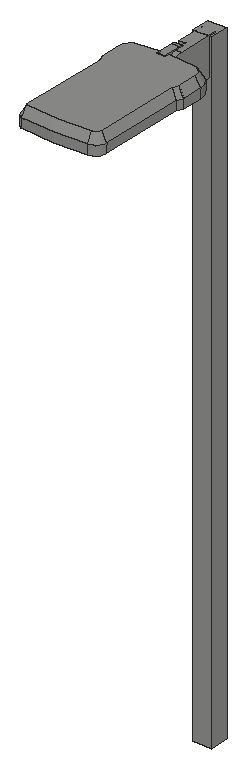
Revit family "VP-3-AAU", category Lighting Fixtures, host Face, Revit 2019 (continued)
Definition of nested family "SIZE3-AAU"
  Forms (in)
    Extrusion 49, void
      sketch origin (0, 0, 3.625) x (1, 0, 0) y (0, 0, 1)
        loop
          arc (-6.85535, 7.97854) -> (-0.06712, 6.63595) -> (6.73035, 7.93095) r 18.15382
          line (6.73035, 7.93095) -> (6.73035, 8.20243)
          arc (6.73035, 8.20243) -> (-0.06706, 6.91477) -> (-6.85535, 8.24972) r 18.25
        loop
          line (-6.85535, 7.49972) -> (-6.85535, 7.22854)
          arc (-6.85535, 7.22854) -> (-0.06712, 5.88595) -> (6.73035, 7.18095) r 18.15382
          line (6.73035, 7.18095) -> (6.73035, 7.45243)
          arc (6.73035, 7.45243) -> (-0.06706, 6.16477) -> (-6.85535, 7.49972) r 18.25
      from 1 to 1.75
    Blend 50, solid, material <- "Fixture"
      base sketch origin (0, 0, 0) x (1, 0, 0) y (0, 0, 1)
        loop
          arc (-6.75192, 33.95884) -> (-7.48558, 33.52919) -> (-7.77472, 32.72966) r 1.25
          line (-7.77472, 32.72966) -> (-7.77472, 15.72202) -> (-8.18, 14.67799) -> (-8.18, 10.64521)
          arc (-8.18, 10.64521) -> (-7.52407, 8.68733) -> (-5.82104, 7.51974) r 3.25
          arc (-5.82104, 7.51974) -> (-2.92086, 7.15165) -> (0, 7.02866) r 34.74571
          arc (0, 7.02866) -> (2.92086, 7.15165) -> (5.82104, 7.51974) r 34.74571
          arc (5.82104, 7.51974) -> (7.52407, 8.68733) -> (8.18, 10.64521) r 3.25
          line (8.18, 10.64521) -> (8.18, 14.67799) -> (7.7425, 15.80502) -> (7.7425, 32.05879)
          arc (7.7425, 32.05879) -> (7.16964, 33.45997) -> (5.77922, 34.05846) r 2
          arc (5.77922, 34.05846) -> (-0.48981, 34.44343) -> (-6.75192, 33.95884) r 45.36519
      top sketch origin (0, 0, 0) x (1, 0, 0) y (0, 0, 1)
        loop
          arc (5.71398, 33.05839) -> (-0.43659, 33.4438) -> (-6.58122, 32.97319) r 44.36519
          arc (-6.58122, 32.97319) -> (-6.72046, 32.88519) -> (-6.77472, 32.72966) r 0.25
          line (-6.77472, 32.72966) -> (-6.77472, 15.53474) -> (-7.18, 14.49071) -> (-7.18, 10.64521)
          arc (-7.18, 10.64521) -> (-6.74089, 9.30985) -> (-5.59495, 8.49571) r 2.25
          arc (-5.59495, 8.49571) -> (-2.89422, 8.15301) -> (-0.17465, 8.02912) r 33.74571
          arc (-0.17465, 8.02912) -> (2.72017, 8.13848) -> (5.59495, 8.49571) r 33.74571
          arc (5.59495, 8.49571) -> (6.74089, 9.30985) -> (7.18, 10.64521) r 2.25
          line (7.18, 10.64521) -> (7.18, 14.49071) -> (6.7425, 15.61774) -> (6.7425, 32.05879)
          arc (6.7425, 32.05879) -> (6.43945, 32.77591) -> (5.71398, 33.05839) r 1
      from 0 to -1.74
    Extrusion 51, solid, material <- "Fixture"
      sketch origin (0, 0, 0) x (0, 1, 0) y (0, 0, 1)
        loop
          line (1.74, -1.406) -> (1.74, 6.43918)
          arc (1.74, 6.43918) -> (0, 8.17918) -> (-1.74, 6.43918) r 1.74
          line (-1.74, 6.43918) -> (-1.74, 3.90812) -> (-5.432, 1.12478) -> (-5.432, -1.406) -> (1.74, -1.406)
      from -1.24 to 1.24
    Extrusion 52, solid, material <- "Fixture"
      sketch origin (0, 0, 0) x (0, 1, 0) y (0, 0, 1)
        loop
          line (1.74, 8.81429) -> (-1.74, 8.81429) -> (-1.74, 5.31429)
          arc (-1.74, 5.31429) -> (0, 3.57429) -> (1.74, 5.31429) r 1.74
          line (1.74, 5.31429) -> (1.74, 8.81429)
      from -1.5 to 0
    Extrusion 53, void
      sketch origin (0, 0, 0) x (1, 0, 0) y (0, 0, 1)
        loop
          line (-1.5, 8.3) -> (-1.5, 3.90812) -> (0, 3.90812) -> (0, 8.3) -> (-1.5, 8.3)
      from -1.84653 to 1.9488
  Cuts and joins
    Extrusion 3, Extrusion 49, Extrusion 53 cuts Extrusion 2
    joined: Extrusion 2, Extrusion 52
    Extrusion 53 cuts Blend 50
    Extrusion 53 cuts Extrusion 51
  Dimensions and locks (in)
    equal spacing: plane 4, plane 3 "Center (Left/Right)", plane 5
    "Width": plane 4 to plane 5
    "Length": plane 7 to plane 6
    "Mount Length": plane 6 to plane 2
    aligned and locked: plane 2 to Extrusion 1
    aligned and locked: level to Extrusion 1
    aligned and locked: plane 1 "Center (Front/Back)" to Blend 50
  Automatic sketch dimensions
    Extrusion 1 sketch curve to Extrusion 1 sketch curve = 96.00"  (x2)
    Extrusion 2 sketch curve to plane 3 "Center (Left/Right)" = 0.00"
    Extrusion 2 sketch curve to plane 3 "Center (Left/Right)" = 0.12919"
    plane 5 to Extrusion 2 sketch curve = 3.125"
    plane 5 to Extrusion 2 sketch curve = 1.53028"
    plane 5 to Extrusion 2 sketch curve = 0.28028"
    Extrusion 2 sketch curve to plane 5 = 0.125"
    Extrusion 2 sketch curve to plane 4 = 3.125"
    Extrusion 2 sketch curve to plane 4 = 2.3125"
    Extrusion 2 sketch curve to plane 4 = 0.3125"
    plane 4 to Extrusion 2 sketch curve = 0.125"
    Extrusion 2 sketch curve to level = 10.92033"
    plane 6 to Extrusion 2 sketch curve = 3.14521"
    Extrusion 2 sketch curve to Extrusion 2 sketch curve = 0.00"
    Extrusion 2 sketch curve to Extrusion 2 sketch curve = 4.03278"  (x2)
    Extrusion 2 sketch curve to Extrusion 2 sketch curve = 1.04403"
    Extrusion 2 sketch curve to Extrusion 2 sketch curve = 1.12703"
    Extrusion 2 sketch curve to plane 7 = 2.41121"
    Extrusion 2 sketch curve to Extrusion 2 sketch curve = 0.67087"
    plane 7 to Extrusion 2 sketch curve = 7.30438"
    plane 6 to Extrusion 2 sketch curve = 0.01974"
    Extrusion 2 sketch curve to plane 7 = 0.51116"
    plane 5 to Extrusion 3 sketch curve = 1.27892"
    plane 3 "Center (Left/Right)" to Extrusion 3 sketch curve = 0.06506"
    Extrusion 3 sketch curve to plane 4 = 1.125"
    Extrusion 3 sketch curve to level = 39.4018"
    plane 6 to Extrusion 3 sketch curve = 7.63674"
    Extrusion 3 sketch curve to plane 7 = 2.31818"
    plane 5 to Extrusion 4 sketch curve = 2.15013"
    Extrusion 4 sketch curve to Extrusion 4 sketch curve = 0.35"  (x3)
    Extrusion 4 sketch curve to plane 4 = 2.50013"  (x2)
    Extrusion 4 sketch curve to plane 7 = 7.81818"
    Extrusion 4 sketch curve to plane 7 = 2.66818"
    plane 5 to Extrusion 5 sketch curve = 3.08171"
    Extrusion 5 sketch curve to Extrusion 5 sketch curve = 0.00"  (x61)
    Extrusion 5 sketch curve to Extrusion 5 sketch curve = 0.51875"  (x27)
    Extrusion 5 sketch curve to plane 7 = 7.01806"
    Extrusion 5 sketch curve to Extrusion 5 sketch curve = 0.50"  (x72)
    plane 5 to Extrusion 6 sketch curve = 2.39345"
    Extrusion 6 sketch curve to Extrusion 6 sketch curve = 0.25"  (x3)
    Extrusion 6 sketch curve to plane 3 "Center (Left/Right)" = 0.54655"  (x2)
    Extrusion 6 sketch curve to plane 7 = 7.5141"
    Extrusion 6 sketch curve to plane 7 = 2.7641"
    Extrusion 7 sketch curve to plane 4 = 1.99807"
    Extrusion 7 sketch curve to plane 8 = 0.46661"
    Extrusion 7 sketch curve to Extrusion 7 sketch curve = 0.02618"
    Extrusion 7 sketch curve to Extrusion 7 sketch curve = 0.1119"
    Extrusion 7 sketch curve to plane 8 = 0.03691"
    Extrusion 7 sketch curve to Extrusion 7 sketch curve = 0.36056"
    Extrusion 7 sketch curve to plane 8 = 0.00781"
    Extrusion 7 sketch curve to Extrusion 7 sketch curve = 0.06241"
    Extrusion 7 sketch curve to Extrusion 7 sketch curve = 0.42393"
    Extrusion 7 sketch curve to Extrusion 7 sketch curve = 0.73219"
    plane 4 to Extrusion 8 sketch curve = 3.08171"
    Extrusion 8 sketch curve to Extrusion 8 sketch curve = 0.00"  (x61)
    Extrusion 8 sketch curve to Extrusion 8 sketch curve = 0.51875"  (x27)
    plane 7 to Extrusion 8 sketch curve = 7.01806"
    Extrusion 8 sketch curve to Extrusion 8 sketch curve = 0.50"  (x72)
    plane 4 to Extrusion 9 sketch curve = 2.39345"
    Extrusion 9 sketch curve to Extrusion 9 sketch curve = 0.25"  (x3)
    Extrusion 9 sketch curve to plane 3 "Center (Left/Right)" = 0.54655"  (x2)
    plane 7 to Extrusion 9 sketch curve = 7.5141"
    plane 7 to Extrusion 9 sketch curve = 2.7641"
    plane 5 to Extrusion 10 sketch curve = 2.15013"
    Extrusion 10 sketch curve to Extrusion 10 sketch curve = 0.35"  (x3)
    Extrusion 10 sketch curve to plane 4 = 2.50013"  (x2)
    Extrusion 10 sketch curve to plane 7 = 13.31818"
    Extrusion 10 sketch curve to Extrusion 10 sketch curve = 4.80"
    plane 5 to Extrusion 11 sketch curve = 3.08171"
    Extrusion 11 sketch curve to Extrusion 11 sketch curve = 0.00"  (x61)
    Extrusion 11 sketch curve to Extrusion 11 sketch curve = 0.51875"  (x27)
    Extrusion 11 sketch curve to plane 7 = 12.51806"
    Extrusion 11 sketch curve to Extrusion 11 sketch curve = 0.50"  (x72)
    plane 5 to Extrusion 12 sketch curve = 2.39345"
    Extrusion 12 sketch curve to Extrusion 12 sketch curve = 0.25"  (x3)
    Extrusion 12 sketch curve to plane 3 "Center (Left/Right)" = 0.54655"  (x2)
    Extrusion 12 sketch curve to plane 7 = 13.0141"
    Extrusion 12 sketch curve to Extrusion 12 sketch curve = 4.50"
    plane 4 to Extrusion 13 sketch curve = 3.08171"
    Extrusion 13 sketch curve to Extrusion 13 sketch curve = 0.00"  (x61)
    Extrusion 13 sketch curve to Extrusion 13 sketch curve = 0.51875"  (x27)
    plane 7 to Extrusion 13 sketch curve = 12.51806"
    Extrusion 13 sketch curve to Extrusion 13 sketch curve = 0.50"  (x72)
    plane 4 to Extrusion 14 sketch curve = 2.39345"
    Extrusion 14 sketch curve to Extrusion 14 sketch curve = 0.25"  (x3)
    Extrusion 14 sketch curve to plane 3 "Center (Left/Right)" = 0.54655"  (x2)
    plane 7 to Extrusion 14 sketch curve = 13.0141"
    Extrusion 14 sketch curve to Extrusion 14 sketch curve = 4.50"
    Extrusion 15 sketch curve to plane 5 = 2.15013"
    Extrusion 15 sketch curve to Extrusion 15 sketch curve = 0.35"  (x3)
    plane 4 to Extrusion 15 sketch curve = 2.50013"  (x2)
    plane 7 to Extrusion 15 sketch curve = 13.31818"
    Extrusion 15 sketch curve to Extrusion 15 sketch curve = 4.80"
    Extrusion 16 sketch curve to plane 5 = 3.08171"
    Extrusion 16 sketch curve to Extrusion 16 sketch curve = 0.00"  (x61)
    Extrusion 16 sketch curve to Extrusion 16 sketch curve = 0.51875"  (x27)
    Extrusion 16 sketch curve to plane 6 = 12.8517"
    Extrusion 16 sketch curve to Extrusion 16 sketch curve = 0.50"  (x72)
    Extrusion 17 sketch curve to plane 5 = 2.39345"
    Extrusion 17 sketch curve to Extrusion 17 sketch curve = 0.25"  (x3)
    plane 3 "Center (Left/Right)" to Extrusion 17 sketch curve = 0.54655"  (x2)
    Extrusion 17 sketch curve to plane 6 = 13.34775"
    Extrusion 17 sketch curve to Extrusion 17 sketch curve = 4.50"
    Extrusion 18 sketch curve to plane 4 = 3.08171"
    Extrusion 18 sketch curve to Extrusion 18 sketch curve = 0.00"  (x61)
    Extrusion 18 sketch curve to Extrusion 18 sketch curve = 0.51875"  (x27)
    plane 6 to Extrusion 18 sketch curve = 12.8517"
    Extrusion 18 sketch curve to Extrusion 18 sketch curve = 0.50"  (x72)
    Extrusion 19 sketch curve to plane 4 = 2.39345"
    Extrusion 19 sketch curve to Extrusion 19 sketch curve = 0.25"  (x3)
    plane 3 "Center (Left/Right)" to Extrusion 19 sketch curve = 0.54655"  (x2)
    plane 6 to Extrusion 19 sketch curve = 13.34775"
    Extrusion 19 sketch curve to Extrusion 19 sketch curve = 4.50"
    Extrusion 20 sketch curve to plane 4 = 1.99807"
    Extrusion 20 sketch curve to plane 8 = 0.46661"
    Extrusion 20 sketch curve to Extrusion 20 sketch curve = 0.02618"
    Extrusion 20 sketch curve to Extrusion 20 sketch curve = 0.1119"
    Extrusion 20 sketch curve to plane 8 = 0.03691"
    Extrusion 20 sketch curve to Extrusion 20 sketch curve = 0.36056"
    Extrusion 20 sketch curve to plane 8 = 0.00781"
    Extrusion 20 sketch curve to Extrusion 20 sketch curve = 0.06241"
    Extrusion 20 sketch curve to Extrusion 20 sketch curve = 0.42393"
    Extrusion 20 sketch curve to Extrusion 20 sketch curve = 0.73219"
    Extrusion 21 sketch curve to plane 4 = 1.99807"
    Extrusion 21 sketch curve to plane 8 = 0.46661"
    Extrusion 21 sketch curve to Extrusion 21 sketch curve = 0.02618"
    Extrusion 21 sketch curve to Extrusion 21 sketch curve = 0.1119"
    Extrusion 21 sketch curve to plane 8 = 0.03691"
    Extrusion 21 sketch curve to Extrusion 21 sketch curve = 0.36056"
    Extrusion 21 sketch curve to plane 8 = 0.00781"
    Extrusion 21 sketch curve to Extrusion 21 sketch curve = 0.06241"
    Extrusion 21 sketch curve to Extrusion 21 sketch curve = 0.42393"
    Extrusion 21 sketch curve to Extrusion 21 sketch curve = 0.73219"
    Extrusion 22 sketch curve to plane 4 = 1.99807"
    Extrusion 22 sketch curve to plane 8 = 0.46661"
    Extrusion 22 sketch curve to Extrusion 22 sketch curve = 0.02618"
    Extrusion 22 sketch curve to Extrusion 22 sketch curve = 0.1119"
    Extrusion 22 sketch curve to plane 8 = 0.03691"
    Extrusion 22 sketch curve to Extrusion 22 sketch curve = 0.36056"
    Extrusion 22 sketch curve to plane 8 = 0.00781"
    Extrusion 22 sketch curve to Extrusion 22 sketch curve = 0.06241"
    Extrusion 22 sketch curve to Extrusion 22 sketch curve = 0.42393"
    Extrusion 22 sketch curve to Extrusion 22 sketch curve = 0.73219"
    Extrusion 23 sketch curve to plane 4 = 1.99807"
    Extrusion 23 sketch curve to plane 8 = 0.46661"
    Extrusion 23 sketch curve to Extrusion 23 sketch curve = 0.02618"
    Extrusion 23 sketch curve to Extrusion 23 sketch curve = 0.1119"
    Extrusion 23 sketch curve to plane 8 = 0.03691"
    Extrusion 23 sketch curve to Extrusion 23 sketch curve = 0.36056"
    Extrusion 23 sketch curve to plane 8 = 0.00781"
    Extrusion 23 sketch curve to Extrusion 23 sketch curve = 0.06241"
    Extrusion 23 sketch curve to Extrusion 23 sketch curve = 0.42393"
    Extrusion 23 sketch curve to Extrusion 23 sketch curve = 0.73219"
    Extrusion 24 sketch curve to plane 4 = 1.99807"
    Extrusion 24 sketch curve to plane 8 = 0.46661"
    Extrusion 24 sketch curve to Extrusion 24 sketch curve = 0.02618"
    Extrusion 24 sketch curve to Extrusion 24 sketch curve = 0.1119"
    Extrusion 24 sketch curve to plane 8 = 0.03691"
    Extrusion 24 sketch curve to Extrusion 24 sketch curve = 0.36056"
    Extrusion 24 sketch curve to plane 8 = 0.00781"
    Extrusion 24 sketch curve to Extrusion 24 sketch curve = 0.06241"
    Extrusion 24 sketch curve to Extrusion 24 sketch curve = 0.42393"
    Extrusion 24 sketch curve to Extrusion 24 sketch curve = 0.73219"
    Extrusion 25 sketch curve to plane 4 = 1.99807"
    Extrusion 25 sketch curve to plane 8 = 0.46661"
    Extrusion 25 sketch curve to Extrusion 25 sketch curve = 0.02618"
    Extrusion 25 sketch curve to Extrusion 25 sketch curve = 0.1119"
    Extrusion 25 sketch curve to plane 8 = 0.03691"
    Extrusion 25 sketch curve to Extrusion 25 sketch curve = 0.36056"
    Extrusion 25 sketch curve to plane 8 = 0.00781"
    Extrusion 25 sketch curve to Extrusion 25 sketch curve = 0.06241"
    Extrusion 25 sketch curve to Extrusion 25 sketch curve = 0.42393"
    Extrusion 25 sketch curve to Extrusion 25 sketch curve = 0.73219"
    Extrusion 26 sketch curve to plane 4 = 1.99807"
    Extrusion 26 sketch curve to plane 8 = 0.46661"
    Extrusion 26 sketch curve to Extrusion 26 sketch curve = 0.02618"
    Extrusion 26 sketch curve to Extrusion 26 sketch curve = 0.1119"
    Extrusion 26 sketch curve to plane 8 = 0.03691"
    Extrusion 26 sketch curve to Extrusion 26 sketch curve = 0.36056"
    Extrusion 26 sketch curve to plane 8 = 0.00781"
    Extrusion 26 sketch curve to Extrusion 26 sketch curve = 0.06241"
    Extrusion 26 sketch curve to Extrusion 26 sketch curve = 0.42393"
    Extrusion 26 sketch curve to Extrusion 26 sketch curve = 0.73219"
    Extrusion 27 sketch curve to plane 4 = 1.99807"
    Extrusion 27 sketch curve to plane 8 = 0.46661"
    Extrusion 27 sketch curve to Extrusion 27 sketch curve = 0.02618"
    Extrusion 27 sketch curve to Extrusion 27 sketch curve = 0.1119"
    Extrusion 27 sketch curve to plane 8 = 0.03691"
    Extrusion 27 sketch curve to Extrusion 27 sketch curve = 0.36056"
    Extrusion 27 sketch curve to plane 8 = 0.00781"
    Extrusion 27 sketch curve to Extrusion 27 sketch curve = 0.06241"
    Extrusion 27 sketch curve to Extrusion 27 sketch curve = 0.42393"
    Extrusion 27 sketch curve to Extrusion 27 sketch curve = 0.73219"
    Extrusion 28 sketch curve to plane 4 = 1.99807"
    Extrusion 28 sketch curve to plane 8 = 0.46661"
    Extrusion 28 sketch curve to Extrusion 28 sketch curve = 0.02618"
    Extrusion 28 sketch curve to Extrusion 28 sketch curve = 0.1119"
    Extrusion 28 sketch curve to plane 8 = 0.03691"
    Extrusion 28 sketch curve to Extrusion 28 sketch curve = 0.36056"
    Extrusion 28 sketch curve to plane 8 = 0.00781"
    Extrusion 28 sketch curve to Extrusion 28 sketch curve = 0.06241"
    Extrusion 28 sketch curve to Extrusion 28 sketch curve = 0.42393"
    Extrusion 28 sketch curve to Extrusion 28 sketch curve = 0.73219"
    Extrusion 29 sketch curve to plane 4 = 1.99807"
    Extrusion 29 sketch curve to plane 8 = 0.46661"
    Extrusion 29 sketch curve to Extrusion 29 sketch curve = 0.02618"
    Extrusion 29 sketch curve to Extrusion 29 sketch curve = 0.1119"
    Extrusion 29 sketch curve to plane 8 = 0.03691"
    Extrusion 29 sketch curve to Extrusion 29 sketch curve = 0.36056"
    Extrusion 29 sketch curve to plane 8 = 0.00781"
    Extrusion 29 sketch curve to Extrusion 29 sketch curve = 0.06241"
    Extrusion 29 sketch curve to Extrusion 29 sketch curve = 0.42393"
    Extrusion 29 sketch curve to Extrusion 29 sketch curve = 0.73219"
    Extrusion 30 sketch curve to plane 4 = 1.99807"
    Extrusion 30 sketch curve to plane 8 = 0.46661"
    Extrusion 30 sketch curve to Extrusion 30 sketch curve = 0.02618"
    Extrusion 30 sketch curve to Extrusion 30 sketch curve = 0.1119"
    Extrusion 30 sketch curve to plane 8 = 0.03691"
    Extrusion 30 sketch curve to Extrusion 30 sketch curve = 0.36056"
    Extrusion 30 sketch curve to plane 8 = 0.00781"
    Extrusion 30 sketch curve to Extrusion 30 sketch curve = 0.06241"
    Extrusion 30 sketch curve to Extrusion 30 sketch curve = 0.42393"
    Extrusion 30 sketch curve to Extrusion 30 sketch curve = 0.73219"
    Extrusion 31 sketch curve to plane 4 = 1.99807"
    Extrusion 31 sketch curve to plane 8 = 0.46661"
    Extrusion 31 sketch curve to Extrusion 31 sketch curve = 0.02618"
    Extrusion 31 sketch curve to Extrusion 31 sketch curve = 0.1119"
    Extrusion 31 sketch curve to plane 8 = 0.03691"
    Extrusion 31 sketch curve to Extrusion 31 sketch curve = 0.36056"
    Extrusion 31 sketch curve to plane 8 = 0.00781"
    Extrusion 31 sketch curve to Extrusion 31 sketch curve = 0.06241"
    Extrusion 31 sketch curve to Extrusion 31 sketch curve = 0.42393"
    Extrusion 31 sketch curve to Extrusion 31 sketch curve = 0.73219"
    Extrusion 32 sketch curve to plane 4 = 1.99807"
    Extrusion 32 sketch curve to plane 8 = 0.46661"
    Extrusion 32 sketch curve to Extrusion 32 sketch curve = 0.02618"
    Extrusion 32 sketch curve to Extrusion 32 sketch curve = 0.1119"
    Extrusion 32 sketch curve to plane 8 = 0.03691"
    Extrusion 32 sketch curve to Extrusion 32 sketch curve = 0.36056"
    Extrusion 32 sketch curve to plane 8 = 0.00781"
    Extrusion 32 sketch curve to Extrusion 32 sketch curve = 0.06241"
    Extrusion 32 sketch curve to Extrusion 32 sketch curve = 0.42393"
    Extrusion 32 sketch curve to Extrusion 32 sketch curve = 0.73219"
    Extrusion 33 sketch curve to plane 4 = 1.99807"
    Extrusion 33 sketch curve to plane 8 = 0.46661"
    Extrusion 33 sketch curve to Extrusion 33 sketch curve = 0.02618"
    Extrusion 33 sketch curve to Extrusion 33 sketch curve = 0.1119"
    Extrusion 33 sketch curve to plane 8 = 0.03691"
    Extrusion 33 sketch curve to Extrusion 33 sketch curve = 0.36056"
    Extrusion 33 sketch curve to plane 8 = 0.00781"
    Extrusion 33 sketch curve to Extrusion 33 sketch curve = 0.06241"
    Extrusion 33 sketch curve to Extrusion 33 sketch curve = 0.42393"
    Extrusion 33 sketch curve to Extrusion 33 sketch curve = 0.73219"
    plane 5 to Extrusion 34 sketch curve = 2.1387"
    Extrusion 34 sketch curve to plane 8 = 0.46661"
    Extrusion 34 sketch curve to Extrusion 34 sketch curve = 0.02618"
    Extrusion 34 sketch curve to Extrusion 34 sketch curve = 0.1119"
    Extrusion 34 sketch curve to plane 8 = 0.03691"
    Extrusion 34 sketch curve to Extrusion 34 sketch curve = 0.36056"
    Extrusion 34 sketch curve to plane 8 = 0.00781"
    Extrusion 34 sketch curve to Extrusion 34 sketch curve = 0.06241"
    Extrusion 34 sketch curve to Extrusion 34 sketch curve = 0.42393"
    Extrusion 34 sketch curve to Extrusion 34 sketch curve = 0.20146"
    plane 5 to Extrusion 35 sketch curve = 2.1387"
    Extrusion 35 sketch curve to plane 8 = 0.46661"
    Extrusion 35 sketch curve to Extrusion 35 sketch curve = 0.02618"
    Extrusion 35 sketch curve to Extrusion 35 sketch curve = 0.1119"
    Extrusion 35 sketch curve to plane 8 = 0.03691"
    Extrusion 35 sketch curve to Extrusion 35 sketch curve = 0.36056"
    Extrusion 35 sketch curve to plane 8 = 0.00781"
    Extrusion 35 sketch curve to Extrusion 35 sketch curve = 0.06241"
    Extrusion 35 sketch curve to Extrusion 35 sketch curve = 0.42393"
    Extrusion 35 sketch curve to Extrusion 35 sketch curve = 0.20146"
    plane 5 to Extrusion 36 sketch curve = 2.1387"
    Extrusion 36 sketch curve to plane 8 = 0.46661"
    Extrusion 36 sketch curve to Extrusion 36 sketch curve = 0.02618"
    Extrusion 36 sketch curve to Extrusion 36 sketch curve = 0.1119"
    Extrusion 36 sketch curve to plane 8 = 0.03691"
    Extrusion 36 sketch curve to Extrusion 36 sketch curve = 0.36056"
    Extrusion 36 sketch curve to plane 8 = 0.00781"
    Extrusion 36 sketch curve to Extrusion 36 sketch curve = 0.06241"
    Extrusion 36 sketch curve to Extrusion 36 sketch curve = 0.42393"
    Extrusion 36 sketch curve to Extrusion 36 sketch curve = 0.20146"
    plane 5 to Extrusion 37 sketch curve = 2.1387"
    Extrusion 37 sketch curve to plane 8 = 0.46661"
    Extrusion 37 sketch curve to Extrusion 37 sketch curve = 0.02618"
    Extrusion 37 sketch curve to Extrusion 37 sketch curve = 0.1119"
    Extrusion 37 sketch curve to plane 8 = 0.03691"
    Extrusion 37 sketch curve to Extrusion 37 sketch curve = 0.36056"
    Extrusion 37 sketch curve to plane 8 = 0.00781"
    Extrusion 37 sketch curve to Extrusion 37 sketch curve = 0.06241"
    Extrusion 37 sketch curve to Extrusion 37 sketch curve = 0.42393"
    Extrusion 37 sketch curve to Extrusion 37 sketch curve = 0.20146"
    plane 5 to Extrusion 38 sketch curve = 2.1387"
    Extrusion 38 sketch curve to plane 8 = 0.46661"
    Extrusion 38 sketch curve to Extrusion 38 sketch curve = 0.02618"
    Extrusion 38 sketch curve to Extrusion 38 sketch curve = 0.1119"
    Extrusion 38 sketch curve to plane 8 = 0.03691"
    Extrusion 38 sketch curve to Extrusion 38 sketch curve = 0.36056"
    Extrusion 38 sketch curve to plane 8 = 0.00781"
    Extrusion 38 sketch curve to Extrusion 38 sketch curve = 0.06241"
    Extrusion 38 sketch curve to Extrusion 38 sketch curve = 0.42393"
    Extrusion 38 sketch curve to Extrusion 38 sketch curve = 0.20146"
    plane 5 to Extrusion 39 sketch curve = 2.1387"
    Extrusion 39 sketch curve to plane 8 = 0.46661"
    Extrusion 39 sketch curve to Extrusion 39 sketch curve = 0.02618"
    Extrusion 39 sketch curve to Extrusion 39 sketch curve = 0.1119"
    Extrusion 39 sketch curve to plane 8 = 0.03691"
    Extrusion 39 sketch curve to Extrusion 39 sketch curve = 0.36056"
    Extrusion 39 sketch curve to plane 8 = 0.00781"
    Extrusion 39 sketch curve to Extrusion 39 sketch curve = 0.06241"
    Extrusion 39 sketch curve to Extrusion 39 sketch curve = 0.42393"
    Extrusion 39 sketch curve to Extrusion 39 sketch curve = 0.20146"
    plane 5 to Extrusion 40 sketch curve = 2.1387"
    Extrusion 40 sketch curve to plane 8 = 0.46661"
    Extrusion 40 sketch curve to Extrusion 40 sketch curve = 0.02618"
    Extrusion 40 sketch curve to Extrusion 40 sketch curve = 0.1119"
    Extrusion 40 sketch curve to plane 8 = 0.03691"
    Extrusion 40 sketch curve to Extrusion 40 sketch curve = 0.36056"
    Extrusion 40 sketch curve to plane 8 = 0.00781"
    Extrusion 40 sketch curve to Extrusion 40 sketch curve = 0.06241"
    Extrusion 40 sketch curve to Extrusion 40 sketch curve = 0.42393"
    Extrusion 40 sketch curve to Extrusion 40 sketch curve = 0.20146"
    plane 5 to Extrusion 41 sketch curve = 2.1387"
    Extrusion 41 sketch curve to plane 8 = 0.46661"
    Extrusion 41 sketch curve to Extrusion 41 sketch curve = 0.02618"
    Extrusion 41 sketch curve to Extrusion 41 sketch curve = 0.1119"
    Extrusion 41 sketch curve to plane 8 = 0.03691"
    Extrusion 41 sketch curve to Extrusion 41 sketch curve = 0.36056"
    Extrusion 41 sketch curve to plane 8 = 0.00781"
    Extrusion 41 sketch curve to Extrusion 41 sketch curve = 0.06241"
    Extrusion 41 sketch curve to Extrusion 41 sketch curve = 0.42393"
    Extrusion 41 sketch curve to Extrusion 41 sketch curve = 0.20146"
    plane 5 to Extrusion 42 sketch curve = 2.1387"
    Extrusion 42 sketch curve to plane 8 = 0.46661"
    Extrusion 42 sketch curve to Extrusion 42 sketch curve = 0.02618"
    Extrusion 42 sketch curve to Extrusion 42 sketch curve = 0.1119"
    Extrusion 42 sketch curve to plane 8 = 0.03691"
    Extrusion 42 sketch curve to Extrusion 42 sketch curve = 0.36056"
    Extrusion 42 sketch curve to plane 8 = 0.00781"
    Extrusion 42 sketch curve to Extrusion 42 sketch curve = 0.06241"
    Extrusion 42 sketch curve to Extrusion 42 sketch curve = 0.42393"
    Extrusion 42 sketch curve to Extrusion 42 sketch curve = 0.20146"
    plane 5 to Extrusion 43 sketch curve = 2.1387"
    Extrusion 43 sketch curve to plane 8 = 0.46661"
    Extrusion 43 sketch curve to Extrusion 43 sketch curve = 0.02618"
    Extrusion 43 sketch curve to Extrusion 43 sketch curve = 0.1119"
    Extrusion 43 sketch curve to plane 8 = 0.03691"
    Extrusion 43 sketch curve to Extrusion 43 sketch curve = 0.36056"
    Extrusion 43 sketch curve to plane 8 = 0.00781"
    Extrusion 43 sketch curve to Extrusion 43 sketch curve = 0.06241"
    Extrusion 43 sketch curve to Extrusion 43 sketch curve = 0.42393"
    Extrusion 43 sketch curve to Extrusion 43 sketch curve = 0.20146"
    plane 5 to Extrusion 44 sketch curve = 2.1387"
    Extrusion 44 sketch curve to plane 8 = 0.46661"
    Extrusion 44 sketch curve to Extrusion 44 sketch curve = 0.02618"
    Extrusion 44 sketch curve to Extrusion 44 sketch curve = 0.1119"
    Extrusion 44 sketch curve to plane 8 = 0.03691"
    Extrusion 44 sketch curve to Extrusion 44 sketch curve = 0.36056"
    Extrusion 44 sketch curve to plane 8 = 0.00781"
    Extrusion 44 sketch curve to Extrusion 44 sketch curve = 0.06241"
    Extrusion 44 sketch curve to Extrusion 44 sketch curve = 0.42393"
    Extrusion 44 sketch curve to Extrusion 44 sketch curve = 0.20146"
    plane 5 to Extrusion 45 sketch curve = 2.1387"
    Extrusion 45 sketch curve to plane 8 = 0.46661"
    Extrusion 45 sketch curve to Extrusion 45 sketch curve = 0.02618"
    Extrusion 45 sketch curve to Extrusion 45 sketch curve = 0.1119"
    Extrusion 45 sketch curve to plane 8 = 0.03691"
    Extrusion 45 sketch curve to Extrusion 45 sketch curve = 0.36056"
    Extrusion 45 sketch curve to plane 8 = 0.00781"
    Extrusion 45 sketch curve to Extrusion 45 sketch curve = 0.06241"
    Extrusion 45 sketch curve to Extrusion 45 sketch curve = 0.42393"
    Extrusion 45 sketch curve to Extrusion 45 sketch curve = 0.20146"
    plane 5 to Extrusion 46 sketch curve = 2.1387"
    Extrusion 46 sketch curve to plane 8 = 0.46661"
    Extrusion 46 sketch curve to Extrusion 46 sketch curve = 0.02618"
    Extrusion 46 sketch curve to Extrusion 46 sketch curve = 0.1119"
    Extrusion 46 sketch curve to plane 8 = 0.03691"
    Extrusion 46 sketch curve to Extrusion 46 sketch curve = 0.36056"
    Extrusion 46 sketch curve to plane 8 = 0.00781"
    Extrusion 46 sketch curve to Extrusion 46 sketch curve = 0.06241"
    Extrusion 46 sketch curve to Extrusion 46 sketch curve = 0.42393"
    Extrusion 46 sketch curve to Extrusion 46 sketch curve = 0.20146"
    plane 5 to Extrusion 47 sketch curve = 2.1387"
    Extrusion 47 sketch curve to plane 8 = 0.46661"
    Extrusion 47 sketch curve to Extrusion 47 sketch curve = 0.02618"
    Extrusion 47 sketch curve to Extrusion 47 sketch curve = 0.1119"
    Extrusion 47 sketch curve to plane 8 = 0.03691"
    Extrusion 47 sketch curve to Extrusion 47 sketch curve = 0.36056"
    Extrusion 47 sketch curve to plane 8 = 0.00781"
    Extrusion 47 sketch curve to Extrusion 47 sketch curve = 0.06241"
    Extrusion 47 sketch curve to Extrusion 47 sketch curve = 0.42393"
    Extrusion 47 sketch curve to Extrusion 47 sketch curve = 0.20146"
    plane 5 to Extrusion 48 sketch curve = 2.1387"
    Extrusion 48 sketch curve to plane 8 = 0.46661"
    Extrusion 48 sketch curve to Extrusion 48 sketch curve = 0.02618"
    Extrusion 48 sketch curve to Extrusion 48 sketch curve = 0.1119"
    Extrusion 48 sketch curve to plane 8 = 0.03691"
    Extrusion 48 sketch curve to Extrusion 48 sketch curve = 0.36056"
    Extrusion 48 sketch curve to plane 8 = 0.00781"
    Extrusion 48 sketch curve to Extrusion 48 sketch curve = 0.06241"
    Extrusion 48 sketch curve to Extrusion 48 sketch curve = 0.42393"
    Extrusion 48 sketch curve to Extrusion 48 sketch curve = 0.20146"
    plane 5 to Extrusion 49 sketch curve = 1.10793"
    Extrusion 49 sketch curve to Extrusion 49 sketch curve = 0.09172"
    Extrusion 49 sketch curve to Extrusion 49 sketch curve = 0.00"  (x2)
    Extrusion 49 sketch curve to plane 3 "Center (Left/Right)" = 0.00354"  (x6)
    Extrusion 49 sketch curve to plane 4 = 1.32465"
    Extrusion 49 sketch curve to Extrusion 49 sketch curve = 0.08465"
    plane 6 to Extrusion 49 sketch curve = 3.35354"
    level to Extrusion 49 sketch curve = 10.80595"
    Extrusion 49 sketch curve to Extrusion 49 sketch curve = 0.27118"  (x2)
    Extrusion 49 sketch curve to Extrusion 49 sketch curve = 0.27147"  (x2)
    Extrusion 49 sketch curve to Extrusion 49 sketch curve = 0.47882"
    Extrusion 49 sketch curve to Extrusion 49 sketch curve = 0.47853"
    Extrusion 49 sketch curve to Extrusion 49 sketch curve = 1.01649"
    Extrusion 49 sketch curve to Extrusion 49 sketch curve = 1.00"  (x2)
    Extrusion 49 sketch curve to Extrusion 49 sketch curve = 0.875"
    Blend 50 sketch curve to Blend 50 sketch curve = 0.00"  (x3)
    Blend 50 sketch curve to plane 3 "Center (Left/Right)" = 0.00"  (x2)
    Blend 50 sketch curve to plane 3 "Center (Left/Right)" = 0.12919"  (x2)
    plane 5 to Blend 50 sketch curve = 3.125"
    plane 5 to Blend 50 sketch curve = 1.53028"  (x2)
    plane 5 to Blend 50 sketch curve = 0.28028"
    Blend 50 sketch curve to plane 5 = 0.125"
    Blend 50 sketch curve to plane 4 = 3.125"
    Blend 50 sketch curve to plane 4 = 2.3125"  (x2)
    Blend 50 sketch curve to plane 4 = 0.3125"
    plane 4 to Blend 50 sketch curve = 0.125"
    Blend 50 sketch curve to level = 10.92033"  (x2)
    Blend 50 sketch curve to Blend 50 sketch curve = 4.03278"  (x2)
    Blend 50 sketch curve to Blend 50 sketch curve = 1.04403"  (x2)
    Blend 50 sketch curve to Blend 50 sketch curve = 1.12703"  (x2)
    Blend 50 sketch curve to plane 7 = 2.41121"  (x2)
    Blend 50 sketch curve to Blend 50 sketch curve = 0.67087"  (x2)
    Blend 50 sketch curve to plane 7 = 0.51116"
    plane 6 to Blend 50 sketch curve = 3.14521"  (x2)
    plane 6 to Blend 50 sketch curve = 0.01974"  (x2)
    Blend 50 sketch curve to plane 6 = 0.47134"
    Blend 50 sketch curve to Blend 50 sketch curve = 0.25"
    plane 5 to Blend 50 sketch curve = 0.875"
    Blend 50 sketch curve to Blend 50 sketch curve = 1.00"
    Blend 50 sketch curve to plane 4 = 0.875"
    Blend 50 sketch curve to Blend 50 sketch curve = 3.8455"  (x2)
    Blend 50 sketch curve to Blend 50 sketch curve = 0.0565"
    Blend 50 sketch curve to Blend 50 sketch curve = 2.25"  (x2)
    plane 6 to Blend 50 sketch curve = 0.99571"  (x2)
    plane 6 to Blend 50 sketch curve = 0.52912"
    Blend 50 sketch curve to plane 3 "Center (Left/Right)" = 0.17465"
    Extrusion 51 sketch curve to plane 8 = 0.00"
    Extrusion 51 sketch curve to plane 1 "Center (Front/Back)" = 0.00"
    Extrusion 51 sketch curve to level = 1.406"
    plane 8 to Extrusion 51 sketch curve = 3.692"
    level to Extrusion 51 sketch curve = 1.12478"
    Extrusion 51 sketch curve to plane 6 = 3.59188"
    Extrusion 51 sketch curve to plane 6 = 1.06082"
    Extrusion 52 sketch curve to plane 8 = 0.00"
    Extrusion 52 sketch curve to plane 1 "Center (Front/Back)" = 0.00"
    Extrusion 52 sketch curve to plane 6 = 2.18571"
    plane 6 to Extrusion 52 sketch curve = 1.31429"
    Extrusion 53 sketch curve to plane 3 "Center (Left/Right)" = 0.00"
    Extrusion 53 sketch curve to Extrusion 53 sketch curve = 1.50"
    Extrusion 53 sketch curve to plane 6 = 3.59188"
    plane 6 to Extrusion 53 sketch curve = 0.80"
    radius of Extrusion 5 sketch curve = 0.15"  (x81)
    radius of Extrusion 8 sketch curve = 0.15"  (x81)
    radius of Extrusion 11 sketch curve = 0.15"  (x81)
    radius of Extrusion 13 sketch curve = 0.15"  (x81)
    radius of Extrusion 16 sketch curve = 0.15"  (x81)
    radius of Extrusion 18 sketch curve = 0.15"  (x81)
